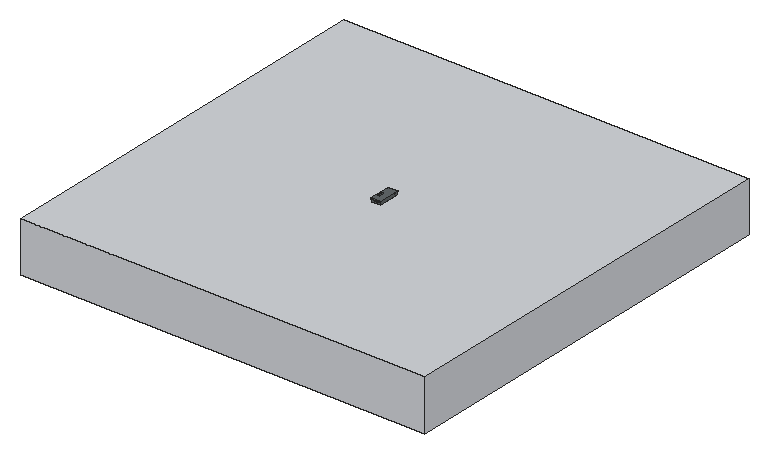
Revit family "GIRA_123928", category Elektroinstallationen, Revit 2017
Family settings
  Basisbauteil = Fläche
  Beschriftungsausrichtung beibehalten = Ja
  Bemaßung runder Anschluss = Durchmesser verwenden
  Teiletyp = Normal
  Beim Laden mit Abzugskörper schneiden = Nein
  Gemeinsam genutzt = Nein
  Raumberechnungspunkt = Nein
Parameters
  Zusatzgerät anreihbar = no
  Default Elevation = 1219.2 mm
  Verbindung mit Smartphone möglich = no
  URL = "https://www.gira.de/"
  Typname = "Wohnungsstation Video AP Plus System 55 Anthrazit"
  Schaltfunktionen = yes
  Rufunterscheidung = yes
  Rufabschaltung = yes
  Mit Türöffnerautomatik = yes
  Mit Touchscreen = no
  Lautstärkeregelung = yes
  Ist Zubehör = no
  Ist System = no
  Internkommunikation = yes
  Hörgerätekompatibel = no
  Hersteller = "Gira"
  HAN = "123928"
  GTIN = "4010337016250"
  Funktions-Lampen = yes
  Bildsystem = "PAL"
  Beschreibung = "Wohnungsstation Video AP Plus System 55 Anthrazit Merkmale: - Bei Verwendung je einer Spannungsversorgung für Türkommunikation können bis zu 28 Wohnungsstationen Video AP parallel genutzt werden. - Die Wohnungsstation Video AP Plus erkennt automatisch, ob eine Spannungsversorgung für Türkommunikation angeschlossen ist. Eine Brücke zwischen ZV und BUS ist nicht notwendig. - Farbdisplay mit LED-Hintergrundbeleuchtung. - OSD Funktion, d. h. Texteinblendung im Display zur Statusanzeige und Menüführung. - Kapazitive Bedientasten mit integrierten Leuchtdioden zur Zustandsanzeige: Die Tasten werden durch leichte Berührung bedient. - Zuschaltbare Türöffnerautomatik: bei eingeschalteter Funktion wird der Türöffner nach Betätigung der Türstationsruftaste automatisch angesteuert. - Automatische Rufannahme: direktes Hineinsprechen oder -hören in einen Raum nach Internruf. - Gebührenfreier hausinterner Sprechverkehr mit bis zu zehn weiteren Wohnungsstationen. Die Bedientasten der Wohnungsstation Video AP Plus steuern die folgenden Funktionen:: - Manuelles Ein- und Ausschalten des TFT-Farbdisplays. - Kameraumschaltung - gezielte Anwahl der angeschlossenen Farbkameras. Im Display erfolgt die Textanzeige, welche Kamera aktuell angesteuert wird. - Schalten von Licht und anderen Funktionen in Verbindung mit dem Schaltaktor oder dem Unterputz-Schaltaktor. - Ansteuerung des Türöffners. - Rufton ein- und ausschalten. - Rufannahme. - Aktivierung der Durchsetzfunktion. - Einstellung von Rufton- und Sprechlautstärke. Funktionen im Endkundenmenü: - Internruf, Schalthandlung, Ruftonmelodie, Helligkeit, Farbsättigung, Kontrast, Einschaltzeit des Displays, Sprache (21 Sprachen wählbar), Tastentöne, Türöffnerautomatik (nach Installateurfreigabe), automatische Rufannahme (nach Installateurfreigabe). Zusätzliche Funktionen im Installateurmenü:: - Einstellung Haupt- Nebendisplay, Frequenzeinstellung, Terminierung der Leitung, Versionsanzeige, Werkseinstellung, Display ein- bzw. ausschalten, LED-Beleuchtung ein- bzw. ausschalten, Ruftastenzuordnung, Internruf zuordnen, Freigaben für Türöffnerautomatik und automatische Rufannahme. - Karten-Slot für SD-Speicherkarte. - SD-Speicherkarte. Neue zusätzliche Funktionen im Endkundenmenü:: - Interner Bildspeicher (nach Installateurfreigabe) für bis zu 48 Bilder. Manueller Übertrag interner zu externner Bildspeicher (SD-Speicherkarte). Bildspeicher manuell löschen. Manuellen Schnappschuss auslösen. Schalthandlungen und Internrufe umbenennen. Datum Uhrzeit ändern. Neue zusätzliche Funktionen im Installateurmenü:: - Freigabe des internen Bildspeichers. Einstellen des Bildintervals und der Aufnahmegeschwindigkeit. Datum Uhrzeit einstellen. Eigenschaften der SD-Speicherkarte:: - Verzeichnis für zehn Klingeltöne, davon fünf frei konfigurierbar im WAVE-Format. Ordner für externen Bildspeicher (max. 200 Bilder).  Hinweise : - Montage ohne Abdeckrahmen oder mit Abdeckrahmen 2fach ohne Mittelsteg aus den Schalterprogrammen System 55, Flächenschalter oder Gira E22 möglich."
  Bedienung Türöffner = yes
  BIM = "https://media.stage.bim.site/t/eyJhbGciOiJIUzI1NiIsInR5cCI6IkpXVCJ9.eyJjdCI6MSwidGYiOiJwdWJsaWMvZ2lyYS9iNjQ4NDNkLzEyMzkgMjgucmZhIiwiY2lkIjoiMzI3N2NjMjMtODFhOS00ZWUzLWE5MGEtYjQ3YmI0YzBiNjE2IiwicmlkIjoiN2IwYzcyMzE0MjMwY2Y2MmEyMjZmMTQ5MDc5YTU5MGIiLCJwaWQiOiI4ZDU3MjMzNTk0MjhmZWQ4YmQzODEyMjkwYWFmOTE4M2YxODIxMmU0Iiwic2lkIjoiNjM0NzAiLCJ1dCI6NSwiaWF0IjoxNTY1MTg2Nzk5LCJpc3MiOiJodHRwczovL2FwaS5saXZlLmJpbS5zaXRlIiwic3ViIjoiYWRtaW5AYmltc2l0ZS5kZXYifQ.lRml6ehH1Ep1gQJpGyggsJ1PmFjDxrgjZ1proCGioo0/1239 28.rfa"
  Abhörsicher = yes
Reference planes
  plane 1 "Center (Front/Back)": y = 0
  plane 2: z = 0
  plane 3 "Center (Left/Right)": x = 0
  plane 4: y = -57.002
  plane 5: z = 11.3
Forms (mm)
  Extrusion 1, solid
    sketch origin (0, 0, 0) x (1, 0, 0) y (0, 1, 0)
      loop
        line (-1219.2, 1219.2) -> (-1219.2, -1219.2) -> (1219.2, -1219.2) -> (1219.2, 1219.2) -> (-1219.2, 1219.2)
    from 0 to -304.8
  Extrusion 2, solid, material "anthracite", detail levels fine
    sketch origin (0, 0, 0) x (1, 0, 0) y (0, 1, 0)
      loop
        line (-27.5, 62.907) -> (-27.5, -62.761) -> (27.5, -63.002) -> (27.5, 62.907) -> (-27.5, 62.907)
    from 2.8 to 19.6
  Extrusion 3, solid, material "anthracite", detail levels fine
    sketch origin (0, 0, 0) x (1, 0, 0) y (0, 1, 0)
      loop
        line (23.736, -57.486) -> (23.736, 57.355) -> (-23.736, 57.355) -> (-23.736, -57.486) -> (23.736, -57.486)
    from 0 to 2.8
  Extrusion 4, solid, material "anthracite", detail levels fine
    sketch origin (0, 0, -0.9) x (1, 0, 0) y (0, 1, 0)
      loop
        arc (-26.5, 65) -> (-27.207, 64.707) -> (-27.5, 64) r 1
        line (-27.5, 64) -> (-27.5, -64)
        arc (-27.5, -64) -> (-27.207, -64.707) -> (-26.5, -65) r 1
        line (-26.5, -65) -> (26.5, -65)
        arc (26.5, -65) -> (27.207, -64.707) -> (27.5, -64) r 1
        line (27.5, -64) -> (27.5, 64)
        arc (27.5, 64) -> (27.207, 64.707) -> (26.5, 65) r 1
        line (26.5, 65) -> (-26.5, 65)
    from 20.5 to 21.5
  Extrusion 5, solid, material "anthracite", detail levels medium+fine
    sketch origin (0, 0, 0) x (1, 0, 0) y (0, 1, 0)
      loop
        line (-23.605, -18.6) -> (-13.2, -18.6) -> (-13.2, -8.594) -> (-13.2, 3.4) -> (-23.605, 3.4) -> (-23.605, -18.6)
    from 20.6 to 22.5
  Extrusion 6, void, detail levels fine
    sketch origin (0, 0, 0) x (1, 0, 0) y (0, 1, 0)
      loop
        arc (-11.109, -10.234) -> (15.105, -0.084) -> (-10.995, 10.357) r 15.105
        line (-10.995, 10.357) -> (-11.109, -10.234)
      loop
        arc (-3.34, -27.996) -> (-8.964, -28.895) -> (-3.943, -31.585) r 3.005
        arc (-3.943, -31.585) -> (0.438, -31.827) -> (4.808, -31.44) r 31.83
        arc (4.808, -31.44) -> (6.319, -29.382) -> (4.262, -27.871) r 1.805
        arc (4.262, -27.871) -> (0.465, -28.191) -> (-3.34, -27.996) r 28.195
      loop
        spline (6.871, -48.874) -> (6.579, -48.896) -> (6.293, -48.96) -> (6.02, -49.065) -> (5.765, -49.208) -> (5.534, -49.388) -> (5.331, -49.599) -> (5.162, -49.838) -> (5.029, -50.099) -> (4.936, -50.377) -> (4.885, -50.666) -> (4.876, -50.959) -> (4.91, -51.25)
        spline (4.91, -51.25) -> (4.876, -51.541) -> (4.885, -51.834) -> (4.936, -52.123) -> (5.029, -52.401) -> (5.162, -52.662) -> (5.331, -52.901) -> (5.534, -53.112) -> (5.765, -53.292) -> (6.02, -53.435) -> (6.293, -53.54) -> (6.579, -53.604) -> (6.871, -53.626)
        line (6.871, -53.626) -> (13.129, -53.626)
        spline (13.129, -53.626) -> (13.421, -53.604) -> (13.707, -53.54) -> (13.98, -53.435) -> (14.235, -53.292) -> (14.466, -53.112) -> (14.669, -52.901) -> (14.838, -52.662) -> (14.971, -52.401) -> (15.064, -52.123) -> (15.115, -51.834) -> (15.124, -51.541) -> (15.09, -51.25)
        spline (15.09, -51.25) -> (15.124, -50.959) -> (15.115, -50.666) -> (15.064, -50.377) -> (14.971, -50.099) -> (14.838, -49.838) -> (14.669, -49.599) -> (14.466, -49.388) -> (14.235, -49.208) -> (13.98, -49.065) -> (13.707, -48.96) -> (13.421, -48.896) -> (13.129, -48.874)
        line (13.129, -48.874) -> (6.871, -48.874)
      loop
        arc (3.34, 27.996) -> (8.966, 28.911) -> (3.92, 31.563) r 3.005
        arc (3.92, 31.563) -> (-0.448, 31.802) -> (-4.808, 31.44) r 31.805
        arc (-4.808, 31.44) -> (-6.319, 29.382) -> (-4.262, 27.871) r 1.805
        arc (-4.262, 27.871) -> (-0.465, 28.191) -> (3.34, 27.996) r 28.195
      loop
        line (-20.626, 52.129) -> (-20.626, 45.871)
        spline (-20.626, 45.871) -> (-20.604, 45.579) -> (-20.54, 45.293) -> (-20.435, 45.02) -> (-20.292, 44.765) -> (-20.112, 44.533) -> (-19.901, 44.331) -> (-19.662, 44.162) -> (-19.401, 44.029) -> (-19.123, 43.936) -> (-18.834, 43.885) -> (-18.541, 43.876) -> (-18.25, 43.91)
        spline (-18.25, 43.91) -> (-17.959, 43.876) -> (-17.666, 43.885) -> (-17.377, 43.936) -> (-17.099, 44.029) -> (-16.838, 44.162) -> (-16.599, 44.331) -> (-16.388, 44.533) -> (-16.208, 44.765) -> (-16.065, 45.02) -> (-15.96, 45.293) -> (-15.896, 45.579) -> (-15.874, 45.871)
        line (-15.874, 45.871) -> (-15.874, 52.129)
        spline (-15.874, 52.129) -> (-15.896, 52.421) -> (-15.96, 52.707) -> (-16.065, 52.98) -> (-16.208, 53.235) -> (-16.388, 53.466) -> (-16.599, 53.669) -> (-16.838, 53.838) -> (-17.099, 53.971) -> (-17.377, 54.064) -> (-17.666, 54.115) -> (-17.959, 54.124) -> (-18.25, 54.09)
        spline (-18.25, 54.09) -> (-18.541, 54.124) -> (-18.834, 54.115) -> (-19.123, 54.064) -> (-19.401, 53.971) -> (-19.662, 53.838) -> (-19.901, 53.669) -> (-20.112, 53.466) -> (-20.292, 53.235) -> (-20.435, 52.98) -> (-20.54, 52.707) -> (-20.604, 52.421) -> (-20.626, 52.129)
    from 0 to 2
  Extrusion 7, void, detail levels fine
    sketch origin (-1.799, 0, 0) x (1, 0, 0) y (0, 0, 1)
      loop
        line (0, 17.165) -> (0, 15.22) -> (3.598, 15.22) -> (3.598, 17.165) -> (0, 17.165)
      loop
        line (-4.701, 11.286) -> (-4.701, 8.933) -> (8.855, 8.933) -> (8.855, 11.286) -> (-4.701, 11.286)
    from 58.901 to 65
  Extrusion 8, void, detail levels fine
    sketch origin (0, 0, 0) x (0, 1, 0) y (0, 0, 1)
      loop
        line (-57.002, 12.854) -> (-57.002, 9.854) -> (-38.002, 9.854) -> (-38.002, 12.854) -> (-57.002, 12.854)
    from -27.55 to 27.5
  Extrusion 9, solid, material "anthracite", detail levels medium
    sketch origin (0, 0, 0) x (1, 0, 0) y (0, 1, 0)
      loop
        line (27.5, 65) -> (-27.5, 65) -> (-27.5, -65) -> (27.5, -65) -> (27.5, 65)
    from 19.6 to 20.6
  Extrusion 10, solid, material "anthracite", detail levels medium
    sketch origin (0, 0, 0) x (1, 0, 0) y (0, 1, 0)
      loop
        line (-27.5, 62.907) -> (-27.5, -62.761) -> (27.5, -63.002) -> (27.5, 62.907) -> (-27.5, 62.907)
    from 2.8 to 19.6
  Extrusion 11, solid, material "anthracite", detail levels medium
    sketch origin (0, 0, 0) x (1, 0, 0) y (0, 1, 0)
      loop
        line (23.736, -57.486) -> (23.736, 57.355) -> (-23.736, 57.355) -> (-23.736, -57.486) -> (23.736, -57.486)
    from 0 to 2.8
  Extrusion 12, solid, material "anthracite", detail levels coarse
    sketch origin (0, 0, 0) x (1, 0, 0) y (0, 1, 0)
      loop
        line (27.5, 65) -> (-27.5, 65) -> (-27.5, -65) -> (27.5, -65) -> (27.5, 65)
    from 0 to 22.5
Cuts and joins
  Extrusion 6, Extrusion 7, Extrusion 8 cuts Extrusion 2
  Extrusion 6 cuts Extrusion 3
  Extrusion 6 cuts Extrusion 4
Dimensions and locks
  aligned and locked: plane 2 to Extrusion 1
  aligned and locked: level to Extrusion 1
  aligned and locked: plane 1 "Center (Front/Back)" to nested 1
Nested families
  nested 1: "symbol" at (0, 0, 0), type "symbol"
Definition of nested family "symbol"
  Reference planes
    plane 1: y = 0
    plane 2: x = 0
  Lines and regions (mm)
    Filled region 1, type "Gefüllter Bereich 1"
      outline origin (0, 0, 0) x (1, 0, 0) y (0, 1, 0)
        loop
          circle (-0.6, 2.4) r 0.4
    Filled region 2, type "Gefüllter Bereich 1"
      outline origin (0, 0, 0) x (1, 0, 0) y (0, 1, 0)
        loop
          circle (0.6, 2.4) r 0.4
    detail lines
      curve 1: line (0, 0, 0) -> (0, 2, 0)
      curve 2: line (0, 2, 0) -> (1.6, 2, 0)
      curve 3: line (1.6, 2, 0) -> (1.6, 3.6, 0)
      curve 4: circle (0.6, 2.4, 0) r 0.4 normal (0, 0, 1)
      curve 5: line (0, 2, 0) -> (-1.6, 2, 0)
      curve 6: line (-1.6, 2, 0) -> (-1.6, 3.6, 0)
      curve 7: circle (-0.6, 2.4, 0) r 0.4 normal (0, 0, -1)
